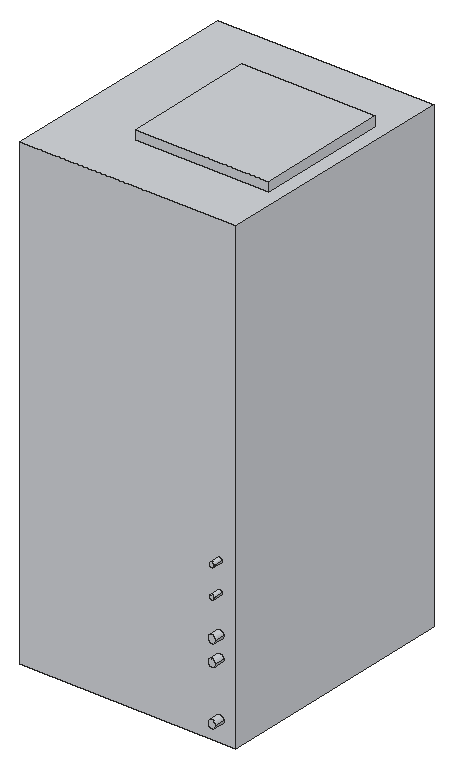
Revit family "M_WSHP - Vertical - Alta eficiência - 7-18 kW - Retorno esquerdo - Descarga superior", category Equipamento mecânico, Revit 2019
Family settings
  Cota do conector redondo = Usar raio
  Tipo de parte = Normal
  Número OmniClass = 23.75.10.21.17
  Título OmniClass = Water-Source Heat Pumps
  ID de item do Seek = WSHP - Vertical - High Efficiency - 7-18 kW - Left Return - Top Discharge-0000-CAN-ENU
  Com base no plano de trabalho = Não
  Sempre na vertical = Sim
  Corte com vazios quando carregada = Não
  Compartilhado = Não
  Ponto de cálculo do ambiente = Não
Parameters (values of type "7 kW")
  Raio do fornecimento de água = 10 mm
  Diâmetro do fornecimento de água = Raio do fornecimento de água * 2  # 20 mm
  Raio do retorno da água = 10 mm
  Diâmetro do retorno da água = Raio do retorno da água * 2  # 20 mm
  Queda de pressão da água [instance] = 24131.6 Pa
  Fluxo da água [instance] = 0.5 L/s
  Voltagem = 208 V
  Altura do ar de fornecimento = 350 mm
  Largura do ar de fornecimento = 350 mm
  Largura do ar de retorno = 550 mm
  Altura do ar de retorno = 700 mm
  Largura da bomba = 650.3 mm
  Material da bomba = none
  Comprimento da bomba = 568.9 mm
  Altura da bomba = 1231.9 mm
  Número de pólos = 3
  Classificação de carga = Refrigeração
  Raio do fornecimento de água quente = 6 mm
  Diâmetro do fornecimento de água quente = Raio do fornecimento de água quente * 2  # 12 mm
  Raio do retorno de água quente = 6 mm
  Diâmetro do retorno de água quente = Raio do retorno de água quente * 2  # 12 mm
  Fluxo da água quente [instance] = 0.32 L/s
  Fluxo da drenagem [instance] = 0.0 L/s
  Raio da condensação = 10 mm
  Diâmetro da condensação = Raio da condensação * 2  # 20 mm
  C6 Deslocamento 1 = 25.4 mm
  C5 Deslocamento 2 = 147.3 mm
  C5 Deslocamento 1 = 182.9 mm
  C4 Deslocamento 1 = 353 mm
  C3 Deslocamento 1 = 429.2 mm
  C2 Deslocamento 1 = 254 mm
  C1 Deslocamento 1 = 53.4 mm
  Carga aparente = 3952 VA
  Pressão estática externa [instance] = 149.3 Pa
  Fluxo de ar [instance] = 377.56 L/s
Types (5, lengths in mm): name | Raio do fornecimento de água | Diâmetro do fornecimento de água | Raio do retorno da água | Diâmetro do retorno da água | Queda de pressão da água | Fluxo da água | Altura do ar de fornecimento | Largura do ar de fornecimento | Largura do ar de retorno | Altura do ar de retorno | Largura da bomba | Comprimento da bomba | Altura da bomba | Fluxo da água quente | C5 Deslocamento 2 | C5 Deslocamento 1 | C4 Deslocamento 1 | C3 Deslocamento 1 | C2 Deslocamento 1 | C1 Deslocamento 1 | Carga aparente | Pressão estática externa | Fluxo de ar
  (no name) | 10 | 20 | 10 | 20 | 24131.6 Pa | 0.5 L/s | 350 | 350 | 550 | 700 | 650.3 | 568.9 | 1231.9 | 0.32 L/s | 147.3 | 182.9 | 353 | 429.2 | 254 | 53.4 | 3952 VA | 149.3 Pa | 377.56 L/s
  7 kW | 10 | 20 | 10 | 20 | 24131.6 Pa | 0.5 L/s | 350 | 350 | 550 | 700 | 650.3 | 568.9 | 1231.9 | 0.32 L/s | 147.3 | 182.9 | 353 | 429.2 | 254 | 53.4 | 3952 VA | 149.3 Pa | 377.56 L/s
  11 kW | 10 | 20 | 10 | 20 | 31026.4 Pa | 0.57 L/s | 450 | 450 | 650 | 700 | 777.3 | 645.1 | 1282.7 | 0.5 L/s | 160 | 162.5 | 396.3 | 480 | 274.3 | 86.3 | 5283 VA | 149.3 Pa | 566.34 L/s
  14 kW | 15 | 30 | 15 | 30 | 24821.1 Pa | 0.76 L/s | 450 | 450 | 650 | 800 | 777.3 | 645.1 | 1384.3 | 0.63 L/s | 160 | 162.5 | 396.3 | 480 | 274.3 | 86.3 | 6780 VA | 199.07 Pa | 755.12 L/s
  18 kW | 15 | 30 | 15 | 30 | 24821.1 Pa | 0.95 L/s | 450 | 450 | 650 | 900 | 777.3 | 645.1 | 1485.9 | 0.82 L/s | 160 | 162.5 | 396.3 | 480 | 274.3 | 86.3 | 7696 VA | 199.07 Pa | 943.89 L/s
Reference planes
  plane 1 "Centro (Frente/Trás)": y = 0
  plane 2: z = 0
  plane 3 "Centro (Esquerda/Direita)": x = 0
  plane 4: x = 568.9
  plane 5: y = 650.3
  plane 6: z = 1231.9
  plane 7: x = 532.9
  plane 8: x = 182.9
  plane 9: y = 503
  plane 10: y = 153
  plane 11: z = 1257.3
  plane 12: z = 91.44
  plane 13: x = 41.402
  plane 14: x = 526.228
  plane 15: z = 53.4
  plane 16: z = 198.12
  plane 17: z = 254
  plane 18: z = 353
  plane 19: z = 429.2
  plane 20: y = -25.4
  plane 21: z = 1206.5
  plane 22: z = 506.5
  plane 23: y = 325.15
  plane 24: y = 600.15
  plane 25: y = 50.15
  plane 26: x = -25.4
Forms (mm)
  Extrusion 1, solid, material <- "Material da bomba"
    sketch origin (0, 0, 0) x (1, 0, 0) y (0, 1, 0)
      loop
        line (0, 650.3) -> (0, 0) -> (568.9, 0) -> (568.9, 650.3) -> (0, 650.3)
    from 0 to 1231.9
  Extrusion 2, solid, material <- "Material da bomba"
    sketch origin (0, 0, 0) x (1, 0, 0) y (0, 1, 0)
      loop
        line (182.9, 503) -> (182.9, 153) -> (532.9, 153) -> (532.9, 503) -> (182.9, 503)
    from 1231.9 to 1257.3
  Extrusion 3, solid, material <- "Material da bomba"
    sketch origin (0, 0, 0) x (1, 0, 0) y (0, 0, 1)
      loop
        circle (41.402, 91.44) r 25.4
    from -25.4 to 0
  Extrusion 4, solid, material <- "Material da bomba"
    sketch origin (0, 0, 0) x (1, 0, 0) y (0, 0, 1)
      loop
        circle (526.228, 53.4) r 10
    from 0 to 25.4
  Extrusion 5, solid, material <- "Material da bomba"
    sketch origin (0, 0, 0) x (1, 0, 0) y (0, 0, 1)
      loop
        circle (526.228, 198.12) r 10
    from 0 to 25.4
  Extrusion 6, solid, material <- "Material da bomba"
    sketch origin (0, 0, 0) x (1, 0, 0) y (0, 0, 1)
      loop
        circle (526.228, 254) r 10
    from 0 to 25.4
  Extrusion 7, solid, material <- "Material da bomba"
    sketch origin (0, 0, 0) x (1, 0, 0) y (0, 0, 1)
      loop
        circle (526.228, 353) r 6
    from 0 to 25.4
  Extrusion 8, solid, material <- "Material da bomba"
    sketch origin (0, 0, 0) x (1, 0, 0) y (0, 0, 1)
      loop
        circle (526.228, 429.2) r 6
    from 0 to 25.4
  Extrusion 9, solid, material <- "Material da bomba"
    sketch origin (0, 0, 0) x (0, 1, 0) y (0, 0, 1)
      loop
        line (50.15, 506.5) -> (600.15, 506.5) -> (600.15, 1206.5) -> (50.15, 1206.5) -> (50.15, 506.5)
    from -25.4 to 0
Cuts and joins
  joined: Extrusion 1, Extrusion 2, Extrusion 3, Extrusion 4, Extrusion 5, Extrusion 6, Extrusion 7, Extrusion 8, Extrusion 9
Dimensions and locks
  "Comprimento da bomba": plane 3 "Centro (Esquerda/Direita)" to plane 4
  "Largura da bomba": plane 5 to plane 1 "Centro (Frente/Trás)"
  "Altura da bomba": plane 6 to level
  "C5 Deslocamento 1": plane 3 "Centro (Esquerda/Direita)" to plane 8
  "Largura do ar de fornecimento": plane 8 to plane 7
  "C5 Deslocamento 2": plane 5 to plane 9
  "Altura do ar de fornecimento": plane 9 to plane 10
  locked: plane 11 to plane 6 at 25.4
  locked: plane 12 to level at 91.44
  locked: plane 13 to plane 3 "Centro (Esquerda/Direita)" at 41.402
  locked: plane 4 to plane 14 at 42.672
  "C1 Deslocamento 1": plane 15 to level
  locked: plane 16 to level at 198.12
  "C2 Deslocamento 1": plane 17 to level
  "C4 Deslocamento 1": plane 18 to level
  "C3 Deslocamento 1": plane 19 to level
  locked: plane 20 to plane 1 "Centro (Frente/Trás)" at 25.4
  "C6 Deslocamento 1": plane 6 to plane 21
  "Altura do ar de retorno": plane 21 to plane 22
  equal spacing: plane 24, plane 23, plane 25
  "Largura do ar de retorno": plane 24 to plane 25
  locked: plane 26 to plane 3 "Centro (Esquerda/Direita)" at 25.4
  equal spacing: plane 5, plane 23, plane 1 "Centro (Frente/Trás)"
  "Raio do fornecimento de água": radius of Extrusion 4 sketch curve
  "Raio da condensação": radius of Extrusion 5 sketch curve
  "Raio do retorno da água": radius of Extrusion 6 sketch curve
  "Raio do retorno de água quente": radius of Extrusion 7 sketch curve
  "Raio do fornecimento de água quente": radius of Extrusion 8 sketch curve
  aligned and locked: plane 3 "Centro (Esquerda/Direita)" to Extrusion 1 sketch curve
  aligned and locked: Extrusion 1 sketch curve to plane 5
  aligned and locked: plane 1 "Centro (Frente/Trás)" to Extrusion 1 sketch curve
  aligned and locked: Extrusion 1 sketch curve to plane 4
  aligned and locked: plane 6 to Extrusion 1
  aligned and locked: Extrusion 1 to level
  aligned and locked: plane 8 to Extrusion 2 sketch curve
  aligned and locked: Extrusion 2 sketch curve to plane 9
  aligned and locked: plane 10 to Extrusion 2 sketch curve
  aligned and locked: Extrusion 2 sketch curve to plane 7
  aligned and locked: plane 11 to Extrusion 2
  aligned and locked: Extrusion 2 to plane 6
  aligned and locked: plane 12 to Extrusion 3 sketch curve
  aligned and locked: plane 13 to Extrusion 3 sketch curve
  aligned and locked: plane 1 "Centro (Frente/Trás)" to Extrusion 3
  aligned and locked: plane 15 to Extrusion 4 sketch curve
  aligned and locked: plane 14 to Extrusion 4 sketch curve
  aligned and locked: plane 16 to Extrusion 5 sketch curve
  aligned and locked: plane 14 to Extrusion 5 sketch curve
  aligned and locked: plane 17 to Extrusion 6 sketch curve
  aligned and locked: plane 14 to Extrusion 6 sketch curve
  aligned and locked: plane 18 to Extrusion 7 sketch curve
  aligned and locked: plane 14 to Extrusion 7 sketch curve
  aligned and locked: plane 19 to Extrusion 8 sketch curve
  aligned and locked: plane 14 to Extrusion 8 sketch curve
  aligned and locked: Extrusion 8 to plane 20
  aligned and locked: Extrusion 8 to plane 1 "Centro (Frente/Trás)"
  aligned and locked: Extrusion 7 to Extrusion 8
  aligned and locked: Extrusion 7 to plane 1 "Centro (Frente/Trás)"
  aligned and locked: Extrusion 6 to Extrusion 7
  aligned and locked: Extrusion 6 to plane 1 "Centro (Frente/Trás)"
  aligned and locked: Extrusion 6 to Extrusion 5
  aligned and locked: Extrusion 5 to plane 1 "Centro (Frente/Trás)"
  aligned and locked: Extrusion 4 to Extrusion 5
  aligned and locked: Extrusion 4 to plane 1 "Centro (Frente/Trás)"
  aligned and locked: plane 25 to Extrusion 9 sketch curve
  aligned and locked: Extrusion 9 sketch curve to plane 22
  aligned and locked: plane 21 to Extrusion 9 sketch curve
  aligned and locked: Extrusion 9 sketch curve to plane 24
  aligned and locked: Extrusion 9 to plane 26
  aligned and locked: plane 3 "Centro (Esquerda/Direita)" to Extrusion 9
Automatic sketch dimensions
  radius of Extrusion 3 sketch curve = 25.4 mm
Connectors
  piping at (526.228, -25.4, 53.4), diameter 20, driven by "Fluxo da água", driven by "Raio do fornecimento de água"
    settings: on Extrusion 4, index 1, connector inside diameter 20 mm, connector length 0 mm, flow factor 0, pipe flow 0.5 L/s, pressure drop 0.0 Pa, fitting loss kfactor 0, connector angle 0.00°, fixture units 0, engagement length 0 mm, angle of deflection 0.00°, flow configuration 1, flow direction 1, fitting loss method 4, system type 7, joint type 0, gender type 0, connector reference index 2, connector utility 0, adjustable connector no, is connector primary yes, connector description "Entrada do fornecimento de água"
  piping at (526.228, -25.4, 254), diameter 20, driven by "Fluxo da água", driven by "Raio do retorno da água", driven by "Queda de pressão da água"
    settings: on Extrusion 6, index 2, connector inside diameter 20 mm, connector length 0 mm, flow factor 0, pipe flow 0.5 L/s, pressure drop 24131.6 Pa, fitting loss kfactor 0, connector angle 0.00°, fixture units 0, engagement length 0 mm, angle of deflection 0.00°, flow configuration 1, flow direction 2, fitting loss method 4, system type 8, joint type 0, gender type 0, connector reference index 1, connector utility 0, adjustable connector no, is connector primary no, connector description "Saída do retorno da água"
  piping at (526.228, -25.4, 429.2), diameter 12, driven by "Fluxo da água quente", driven by "Raio do fornecimento de água quente"
    settings: on Extrusion 8, index 3, connector inside diameter 12 mm, connector length 0 mm, flow factor 0, pipe flow 0.32 L/s, pressure drop 0.0 Pa, fitting loss kfactor 0, connector angle 0.00°, fixture units 0, engagement length 0 mm, angle of deflection 0.00°, flow configuration 0, flow direction 2, fitting loss method 0, system type 7, joint type 0, gender type 0, connector reference index 4, connector utility 0, adjustable connector no, is connector primary no, connector description "Saída do fornecimento de água quente"
  piping at (526.228, -25.4, 353), diameter 12, driven by "Fluxo da água quente", driven by "Raio do retorno de água quente"
    settings: on Extrusion 7, index 4, connector inside diameter 12 mm, connector length 0 mm, flow factor 0, pipe flow 0.32 L/s, pressure drop 0.0 Pa, fitting loss kfactor 0, connector angle 0.00°, fixture units 0, engagement length 0 mm, angle of deflection 0.00°, flow configuration 0, flow direction 1, fitting loss method 0, system type 8, joint type 0, gender type 0, connector reference index 3, connector utility 0, adjustable connector no, is connector primary no, connector description "Entrada do retorno de água quente"
  hvac at (357.9, 328, 1257.3), driven by "Fluxo de ar", driven by "Altura do ar de fornecimento", driven by "Largura do ar de fornecimento"
    settings: on Extrusion 2, index 5, duct flow 377.56 L/s, flow factor 0, pres drop 199.072 Pa, loss coef 0, conn angle 0.00°, conn width 350 mm, conn height 350 mm, conn diameter 609.6 mm, duct sys type 1, conn prof type 1, flow config 0, flow direction 2, loss method 0, conn ref index 6, conn util no, is conn primary yes, conn desc ""
  hvac at (-25.4, 325.15, 856.5), driven by "Fluxo de ar", driven by "Altura do ar de retorno", driven by "Largura do ar de retorno"
    settings: on Extrusion 9, index 6, duct flow 377.56 L/s, flow factor 0, pres drop 149.304 Pa, loss coef 0, conn angle 0.00°, conn width 550 mm, conn height 700 mm, conn diameter 609.6 mm, duct sys type 2, conn prof type 1, flow config 0, flow direction 1, loss method 0, conn ref index 5, conn util no, is conn primary no, conn desc ""
  piping at (526.228, -25.4, 198.12), diameter 20, driven by "Raio da condensação", driven by "Fluxo da drenagem"
    settings: on Extrusion 5, index 7, connector inside diameter 20 mm, connector length 0 mm, flow factor 0, pipe flow 0.0 L/s, pressure drop 0.0 Pa, fitting loss kfactor 0, connector angle 0.00°, fixture units 0, engagement length 0 mm, angle of deflection 0.00°, flow configuration 1, flow direction 2, fitting loss method 0, system type 16, joint type 0, gender type 0, connector reference index -1, connector utility 0, adjustable connector yes, is connector primary no, connector description "Saída de condensação"
  electrical at (41.402, 0, 91.44), driven by "Carga aparente", driven by "Voltagem", driven by "Número de pólos", driven by "Classificação de carga"
    settings: on Extrusion 3, index 8, voltage 208 V, apparent load 3952 VA, apparent load phase1 0 VA, apparent load phase2 0 VA, apparent load phase3 0 VA, power factor 0.8, load classification "Refrigeração", number of poles 3, system type 30, power factor state 1, is connector primary yes, connector utility no, sub classification motor no, connector description ""
